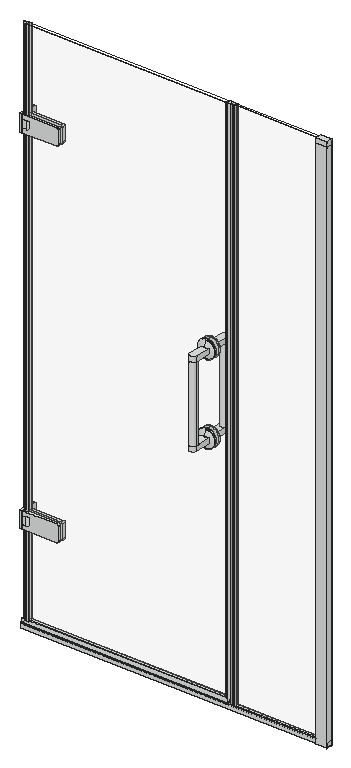
Revit family "Shower-Shower_Door-KOHLER-Components-K-27601", category Specialty Equipment, host Face, Revit 2017 (continued)
Definition of nested family "K-27601"
  Automatic sketch dimensions
    Revolve 28 sketch curve to plane 12 = 0.21347"
    plane 9 to Revolve 28 sketch curve = 0.19217"
    plane 9 to Revolve 28 sketch curve = 0.03326"
    plane 9 to Revolve 28 sketch curve = 0.00455"
    Revolve 28 sketch curve to plane 9 = 0.20924"
    Revolve 28 sketch curve to plane 9 = 0.24551"
    plane 10 to Revolve 28 sketch curve = 0.30265"
    plane 10 to Revolve 28 sketch curve = 0.32068"
    Revolve 28 sketch curve to Revolve 28 sketch curve = 0.86741"
    Revolve 28 sketch curve to Revolve 28 sketch curve = 0.00702"
    Revolve 28 sketch curve to Revolve 28 sketch curve = 0"  (x2)
    Revolve 28 sketch curve to Revolve 28 sketch curve = 0.10085"
    Revolve 29 sketch curve to plane 12 = 0.21347"
    plane 9 to Revolve 29 sketch curve = 0.19217"
    plane 9 to Revolve 29 sketch curve = 0.03326"
    plane 9 to Revolve 29 sketch curve = 0.00455"
    Revolve 29 sketch curve to plane 11 = 0.03624"
    Revolve 29 sketch curve to plane 9 = 0.20924"
    Revolve 29 sketch curve to plane 9 = 0.24551"
    Revolve 29 sketch curve to Revolve 29 sketch curve = 0.28413"
    plane 11 to Revolve 29 sketch curve = 0.83117"
    Revolve 29 sketch curve to Revolve 29 sketch curve = 0.00702"
    Revolve 29 sketch curve to Revolve 29 sketch curve = 0"  (x2)
    Revolve 29 sketch curve to Revolve 29 sketch curve = 0.10085"
    Masking region 3 sketch curve to plane 28 = 0"
    plane 10 to Masking region 3 sketch curve = 0"  (x2)
    Masking region 3 sketch curve to plane 12 = 0"  (x5)
    Masking region 3 sketch curve to level = 0"
    Masking region 3 sketch curve to plane 9 = 0"  (x2)
    Masking region 3 sketch curve to plane 6 = 0"
    plane 11 to Masking region 3 sketch curve = 0"  (x2)
    Masking region 3 sketch curve to plane 27 = 0"
    Masking region 3 sketch curve to plane 11 = 1/32"  (x2)
    Masking region 3 sketch curve to plane 28 = 1/32"
    Masking region 3 sketch curve to plane 28 = 1"
    Masking region 3 sketch curve to plane 12 = 0.22089"  (x2)
    Masking region 3 sketch curve to plane 12 = 0.10639"
    Masking region 3 sketch curve to Masking region 3 sketch curve = 0.10639"
    Masking region 3 sketch curve to Masking region 3 sketch curve = 0.04148"  (x3)
    Masking region 3 sketch curve to plane 9 = 0.25441"  (x4)
    Masking region 3 sketch curve to Masking region 3 sketch curve = 0.25441"
    Masking region 3 sketch curve to Masking region 3 sketch curve = 0.01066"
    Masking region 3 sketch curve to Masking region 3 sketch curve = 0.00507"
    Masking region 3 sketch curve to Masking region 3 sketch curve = 0.00541"
    Masking region 3 sketch curve to Masking region 3 sketch curve = 0.93936"  (x2)
    Masking region 3 sketch curve to Masking region 3 sketch curve = 0.93982"  (x2)
    Masking region 3 sketch curve to Masking region 3 sketch curve = 0.19485"
    Masking region 3 sketch curve to Masking region 3 sketch curve = 25/128"
    Masking region 3 sketch curve to plane 27 = 1"
    Masking region 3 sketch curve to Masking region 3 sketch curve = 1/32"
    plane 7 to Masking region 3 sketch curve = 0.15896"
    Masking region 3 sketch curve to Masking region 3 sketch curve = 0.01492"
    plane 7 to Masking region 3 sketch curve = 0.24911"
    Masking region 3 sketch curve to Masking region 3 sketch curve = 0.04025"
    Masking region 3 sketch curve to Masking region 3 sketch curve = 0.08229"
    Masking region 3 sketch curve to Masking region 3 sketch curve = 10.78269"
    Masking region 3 sketch curve to Masking region 3 sketch curve = 0"  (x3)
    Masking region 3 sketch curve to Masking region 3 sketch curve = 0.00344"  (x2)
    Masking region 3 sketch curve to Masking region 3 sketch curve = 1.77863"  (x2)
    Masking region 3 sketch curve to Masking region 3 sketch curve = 0.00035"
    Masking region 3 sketch curve to plane 11 = 0.64105"  (x2)
    Masking region 3 sketch curve to Masking region 3 sketch curve = 4.08733"
    Masking region 3 sketch curve to Masking region 3 sketch curve = 0.30278"
    plane 10 to Masking region 3 sketch curve = 1.527"
    plane 10 to Masking region 3 sketch curve = 0.64105"
    Masking region 3 sketch curve to Masking region 3 sketch curve = 0.64105"
    Masking region 3 sketch curve to plane 10 = 0.88595"
    Masking region 3 sketch curve to plane 6 = 12.87125"
    Masking region 3 sketch curve to Masking region 3 sketch curve = 0.22089"  (x2)
    Masking region 3 sketch curve to Masking region 3 sketch curve = 0.88595"
    plane 11 to Masking region 3 sketch curve = 0.88595"
    curve 59 to plane 5 = 0"
    curve 58 to plane 5 = 0"
    curve 3 to plane 13 = 0"
    curve 59 to plane 20 = 0"
    curve 63 to plane 21 = 0"
    curve 68 to plane 19 = 0"
    curve 66 to plane 19 = 0"
    curve 58 to plane 18 = 0"
    curve 69 to plane 18 = 0"
    curve 5 to plane 14 = 0"
    curve 8 to plane 14 = 0"
    curve 160 to plane 22 = 0"
    curve 159 to plane 22 = 0"
    curve 102 to plane 23 = 0"
    curve 60 to curve 61 = 0.02311"
    curve 65 to plane 21 = 1/32"
    curve 67 to plane 21 = 1/32"
    plane 9 to curve 158 = 0.03467"
    plane 22 to curve 158 = 1.18214"
    plane 9 to curve 156 = 0.00003"
    curve 157 to curve 156 = 0.02706"
    curve 162 to plane 9 = 0.17115"
    plane 22 to curve 162 = 0.4685"
    curve 153 to plane 9 = 0.17115"
    plane 9 to curve 154 = 0.03467"
    curve 153 to curve 154 = 0.67794"
    plane 9 to curve 153 = 0.00003"
    curve 154 to curve 153 = 0.00864"
    plane 23 to curve 117 = 0.05331"
    plane 23 to curve 103 = 0.05335"
    plane 23 to curve 102 = 0.06035"
    curve 102 to curve 109 = 0.0694"
    curve 117 to curve 2 = 0.12174"
    curve 109 to curve 1 = 0.04696"
    curve 1 to curve 106 = 0.03388"
    curve 2 to curve 110 = 0.03646"
    plane 23 to curve 111 = 0.21228"
    curve 106 to curve 108 = 0.02447"
    curve 107 to curve 103 = 0.03212"
    curve 9 to curve 104 = 0.0539"
    plane 23 to curve 105 = 0.31451"
    curve 121 to plane 1 "Center (Front/Back)" = 0.12895"
    curve 104 to curve 121 = 0.07743"
    curve 118 to plane 1 "Center (Front/Back)" = 0.17617"
    curve 118 to curve 118 = 0.04721"
    plane 9 to curve 113 = 0.2026"
    curve 118 to curve 113 = 0.00988"
    plane 23 to curve 115 = 0.42497"
    curve 126 to plane 1 "Center (Front/Back)" = 0.1381"
    curve 118 to curve 126 = 0.12974"
    curve 126 to curve 127 = 0.04324"
    curve 122 to plane 1 "Center (Front/Back)" = 0.12895"
    curve 127 to curve 122 = 0.01268"
    curve 123 to plane 1 "Center (Front/Back)" = 0.17617"
    curve 127 to curve 123 = 0.05989"
    plane 1 "Center (Front/Back)" to curve 121 = 0.15193"
    plane 23 to curve 116 = 0.64803"
    curve 119 to curve 114 = 0.01875"
    plane 1 "Center (Front/Back)" to curve 113 = 0.11955"
    curve 114 to curve 113 = 0.0437"
    curve 116 to curve 131 = 0.12321"
    plane 1 "Center (Front/Back)" to curve 124 = 0.15193"
    plane 8 to curve 126 = 0.15095"
    curve 124 to curve 126 = 0.00355"
    curve 123 to curve 130 = 0.05973"
    plane 23 to curve 128 = 0.99404"
    curve 129 to plane 12 = 0.61967"
    curve 126 to curve 129 = 0.15745"
    curve 130 to curve 136 = 0.07475"
    curve 135 to curve 135 = 0.0239"
    curve 137 to curve 137 = 0.04269"
    curve 138 to curve 134 = 0.01431"
    plane 1 "Center (Front/Back)" to curve 140 = 0.13866"
    curve 135 to curve 140 = 0.0381"
    curve 11 to curve 133 = 0.09087"
    curve 134 to curve 132 = 0.02353"
    curve 134 to curve 138 = 0.16899"
    curve 159 to plane 12 = 0.89469"
    curve 105 to curve 129 = 0.70102"
    plane 28 to curve 128 = 1.06078"
    plane 8 to curve 70 = 0.07891"
    curve 61 to curve 67 = 0.0237"
    plane 8 to curve 112 = 0.16717"
    curve 133 to curve 133 = 0.03505"
    curve 2 to curve 107 = 0.01403"
    curve 111 to curve 117 = 0.02123"
    curve 114 to curve 119 = 0.05854"
    curve 134 to curve 132 = 0.01061"
    curve 136 to curve 11 = 0.01989"
    curve 107 to curve 10 = 0.04597"
    curve 123 to curve 130 = 0.00584"
    plane 1 "Center (Front/Back)" to curve 140 = 0.07666"
    curve 104 to plane 1 "Center (Front/Back)" = 0.07938"
    curve 104 to curve 9 = 0.05509"
    curve 9 to curve 109 = 0.00717"
    curve 13 to plane 1 "Center (Front/Back)" = 0.17534"
    curve 122 to curve 127 = 0.05239"
    curve 109 to curve 102 = 0.04136"
    curve 109 to curve 108 = 0.05118"
    curve 1 to curve 106 = 0.00157"
    curve 13 to curve 137 = 0.01931"
    curve 1 to curve 63 = 0.00341"
    curve 64 to curve 59 = 0.02023"
    curve 5 to curve 5 = 0.06185"
    curve 65 to curve 58 = 0.03698"
    curve 139 to curve 134 = 0.04369"
    curve 3 to plane 9 = 0.14683"
    curve 111 to plane 9 = 0.34736"
    curve 153 to curve 160 = 0.70374"
    curve 111 to curve 115 = 0.64655"
    plane 27 to curve 131 = 0.73222"
    curve 116 to plane 4 = 0.60067"
    plane 8 to curve 8 = 0.09645"
    curve 8 to curve 158 = 0"
    curve 160 to plane 12 = 0.19095"  (x2)
    plane 22 to curve 160 = 0.4685"
    plane 8 to curve 141 = 0.03917"
    curve 141 to curve 155 = 0"
    plane 23 to curve 101 = 0.00029"
    curve 101 to curve 117 = 0.00045"
    curve 116 to curve 117 = 0"
    curve 117 to curve 111 = 0.02419"
    curve 102 to curve 109 = 0.02036"
    curve 105 to curve 109 = 0"
    curve 105 to curve 142 = 0.02551"
    curve 115 to curve 116 = 0"
    curve 128 to curve 127 = 0"
    curve 131 to curve 130 = 0"
    curve 138 to curve 139 = 0.01931"
    curve 12 to curve 139 = 0"  (x2)
    curve 132 to curve 131 = 0"
    curve 11 to plane 26 = 1.45465"
    curve 100 to plane 12 = 0.10639"
    curve 7 to plane 12 = 0.06491"
    plane 8 to curve 15 = 0.02268"
    plane 8 to curve 101 = 0.03917"
    plane 8 to curve 163 = 0.03917"
    curve 101 to curve 143 = 0.05727"
    curve 12 to curve 15 = 0.07854"
    curve 156 to curve 162 = 0.11475"
    curve 153 to curve 161 = 0.11475"
    curve 3 to curve 100 = 0.13908"
    curve 72 to plane 5 = 0"
    curve 75 to plane 5 = 0"
    curve 17 to plane 5 = 0"
    curve 83 to plane 5 = 0"
    curve 18 to plane 5 = 0"
    curve 86 to plane 5 = 0"
    curve 77 to plane 13 = 0"
    curve 90 to plane 13 = 0"
    plane 20 to curve 96 = 0"
    plane 20 to curve 95 = 0"
    plane 20 to curve 94 = 0"
    plane 18 to curve 97 = 0"
    plane 18 to curve 51 = 0"
    plane 18 to curve 98 = 0"
    curve 76 to plane 14 = 0"
    plane 14 to curve 84 = 0"
    curve 169 to plane 11 = 0"
    curve 165 to plane 10 = 0"
    curve 18 to plane 7 = 0"
    curve 19 to plane 7 = 0"
    curve 150 to level = 0"
    curve 150 to plane 6 = 0"
    curve 152 to plane 6 = 0"
    curve 152 to level = 0"
    curve 149 to plane 26 = 0"
    curve 92 to curve 89 = 0.02685"
    curve 80 to curve 78 = 0.02685"
    curve 82 to curve 78 = 0.01966"
    curve 93 to curve 89 = 0.01966"
    curve 87 to plane 14 = 0.19715"
    curve 75 to plane 14 = 0.19715"
    curve 85 to plane 14 = 0.19541"
    curve 74 to curve 73 = 0.19541"
    plane 22 to curve 169 = 0.4685"
    plane 22 to curve 167 = 0"
    plane 22 to curve 164 = 0"
    curve 168 to plane 22 = 0.4685"
    plane 7 to curve 86 = 11.15399"
    curve 97 to curve 90 = 0.58071"
    curve 93 to curve 92 = 0.95743"
    curve 84 to curve 84 = 1.77279"
    curve 167 to plane 11 = 0.32037"
    plane 10 to curve 164 = 0.32068"
    curve 75 to plane 6 = 12.86782"
    curve 98 to curve 79 = 0.58071"
    curve 78 to curve 78 = 0.95743"
    curve 73 to curve 73 = 1.77279"
    plane 23 to curve 146 = 0.00045"
    curve 148 to plane 7 = 0.10539"
    curve 146 to curve 148 = 0.58053"
    curve 148 to curve 147 = 0.14354"
    curve 147 to curve 144 = 0.05067"
    curve 52 to plane 6 = 0.17896"
    curve 144 to curve 52 = 0.52371"
    curve 151 to plane 26 = 1.48035"
    curve 151 to curve 150 = 0.0257"
    curve 150 to curve 152 = 0.02444"
    plane 7 to curve 16 = 0.15896"
    curve 16 to curve 20 = 0.32901"
    curve 167 to curve 167 = 1.08421"
    curve 164 to curve 164 = 1.08421"
    curve 51 to plane 6 = 0.17896"
    curve 99 to plane 6 = 0.05407"
    curve 144 to plane 6 = 0.05407"
    curve 145 to plane 6 = 0.05407"
    curve 149 to plane 6 = 0.05407"
    curve 94 to plane 6 = 0.05407"
    curve 147 to curve 144 = 0"
    curve 148 to plane 6 = 0.05407"
    curve 146 to plane 6 = 0.05404"
    Extrusion 2 sketch curve to plane 5 = 0"
    Extrusion 2 sketch curve to plane 16 = 0"  (x2)
    Extrusion 2 sketch curve to plane 15 = 0"  (x2)
    Extrusion 2 sketch curve to Extrusion 2 sketch curve = 0.02311"
    Extrusion 2 sketch curve to plane 21 = 1/32"  (x2)
    plane 8 to Extrusion 2 sketch curve = 0.07891"
    Extrusion 2 sketch curve to Extrusion 2 sketch curve = 0.04681"
    Extrusion 2 sketch curve to Extrusion 2 sketch curve = 0.04145"
    Extrusion 2 sketch curve to plane 1 "Center (Front/Back)" = 0.19282"
    Extrusion 2 sketch curve to plane 1 "Center (Front/Back)" = 0.19623"
    Extrusion 2 sketch curve to Extrusion 2 sketch curve = 0.02023"
    Extrusion 2 sketch curve to Extrusion 2 sketch curve = 0.03698"
    Extrusion 4 sketch curve to plane 13 = 0"  (x2)
    Extrusion 4 sketch curve to plane 14 = 0"
    Extrusion 4 sketch curve to plane 18 = 0.23416"
    Extrusion 4 sketch curve to plane 18 = 0.23504"
    Extrusion 4 sketch curve to Extrusion 4 sketch curve = 0.02124"
    Extrusion 4 sketch curve to Extrusion 4 sketch curve = 25/128"  (x2)
    Extrusion 4 sketch curve to plane 6 = 12.87908"
    Extrusion 4 sketch curve to Extrusion 4 sketch curve = 0.58071"
    Extrusion 4 sketch curve to Extrusion 4 sketch curve = 0.96057"
    Extrusion 4 sketch curve to Extrusion 4 sketch curve = 1.77438"
    Extrusion 5 sketch curve to plane 13 = 0"
    Extrusion 5 sketch curve to plane 12 = 0.06491"
    Extrusion 5 sketch curve to plane 19 = 0.09988"
    plane 21 to Extrusion 9 sketch curve = 0"
    level to Extrusion 9 sketch curve = 0.32822"
    plane 23 to Extrusion 9 sketch curve = 0.67492"
    plane 7 to Extrusion 9 sketch curve = 0.48798"
    Masking region 1 sketch curve to plane 5 = 0"
    Masking region 1 sketch curve to plane 13 = 0"  (x2)
    Masking region 1 sketch curve to plane 14 = 0"
    Masking region 1 sketch curve to plane 22 = 0"  (x2)
    plane 9 to Masking region 1 sketch curve = 0"
    Masking region 1 sketch curve to plane 12 = 0"
    Masking region 1 sketch curve to plane 26 = 0"
    plane 8 to Masking region 1 sketch curve = 0.03917"  (x2)
    plane 22 to Masking region 1 sketch curve = 1.18214"
    Masking region 1 sketch curve to plane 12 = 0.01977"  (x2)
    Masking region 1 sketch curve to Masking region 1 sketch curve = 0.02706"
    plane 12 to Masking region 1 sketch curve = 0.01487"  (x2)
    Masking region 1 sketch curve to Masking region 1 sketch curve = 0.4685"
    Masking region 1 sketch curve to plane 12 = 0.19095"  (x2)
    plane 22 to Masking region 1 sketch curve = 0.4685"
    Masking region 1 sketch curve to Masking region 1 sketch curve = 0.67794"
    Masking region 1 sketch curve to Masking region 1 sketch curve = 0.00864"
    plane 9 to Masking region 1 sketch curve = 0.10062"
    plane 23 to Masking region 1 sketch curve = 0.52731"
    Masking region 1 sketch curve to plane 26 = 1.45465"
    Masking region 1 sketch curve to Masking region 1 sketch curve = 0"
    Masking region 1 sketch curve to Masking region 1 sketch curve = 0.02472"
    Masking region 1 sketch curve to Masking region 1 sketch curve = 0.02506"
    Masking region 1 sketch curve to plane 26 = 3/128"
    Masking region 1 sketch curve to Masking region 1 sketch curve = 3/128"
    Masking region 1 sketch curve to plane 28 = 0.46762"
    Masking region 1 sketch curve to plane 12 = 0.10639"
    Masking region 1 sketch curve to Masking region 1 sketch curve = 0.04148"
    Masking region 1 sketch curve to plane 9 = 0.28591"  (x2)
    Masking region 1 sketch curve to Masking region 1 sketch curve = 1.10317"
    Masking region 1 sketch curve to plane 27 = 0.46762"
    Masking region 2 sketch curve to plane 5 = 0"
    Masking region 2 sketch curve to plane 6 = 0"
    Masking region 2 sketch curve to level = 0"
    Masking region 2 sketch curve to plane 26 = 0"
    Masking region 2 sketch curve to plane 26 = 1.45465"
    Masking region 2 sketch curve to plane 26 = 0.0237"
    Masking region 2 sketch curve to plane 6 = 0.05407"
    Extrusion 10 sketch curve to plane 13 = 0"  (x2)
    plane 14 to Extrusion 10 sketch curve = 0"
    Extrusion 10 sketch curve to Extrusion 10 sketch curve = 0.02212"
    Extrusion 10 sketch curve to Extrusion 10 sketch curve = 0.02124"
    Extrusion 10 sketch curve to plane 14 = 25/128"  (x2)
    plane 7 to Extrusion 10 sketch curve = 11.15434"
    Extrusion 10 sketch curve to Extrusion 10 sketch curve = 0.58071"
    Extrusion 10 sketch curve to Extrusion 10 sketch curve = 0.96057"
    Extrusion 10 sketch curve to Extrusion 10 sketch curve = 1.77438"
    Extrusion 11 sketch curve to plane 5 = 0"  (x2)
    plane 7 to Extrusion 11 sketch curve = 11.15434"
    Extrusion 11 sketch curve to Extrusion 11 sketch curve = 2.16501"  (x2)
    Extrusion 11 sketch curve to plane 6 = 12.86782"
    Extrusion 12 sketch curve to plane 13 = 0"
    Extrusion 12 sketch curve to plane 12 = 0.06491"
    Extrusion 12 sketch curve to plane 19 = 0.15085"
    Extrusion 13 sketch curve to plane 21 = 0"
    plane 8 to Extrusion 13 sketch curve = 0.16717"
    Extrusion 13 sketch curve to plane 1 "Center (Front/Back)" = 0.19282"
    Extrusion 14 sketch curve to plane 5 = 0"  (x2)
    plane 14 to Extrusion 14 sketch curve = 0"
    Extrusion 14 sketch curve to plane 14 = 0"
    plane 7 to Extrusion 14 sketch curve = 11.15434"
    Extrusion 14 sketch curve to Extrusion 14 sketch curve = 2.16501"
    Extrusion 14 sketch curve to plane 6 = 12.86782"
    Extrusion 14 sketch curve to Extrusion 14 sketch curve = 2.16535"
    Extrusion 15 sketch curve to level = 0"
    Extrusion 15 sketch curve to plane 5 = 0"
    Extrusion 15 sketch curve to plane 26 = 0"
    plane 7 to Extrusion 15 sketch curve = 0.29465"
    Extrusion 17 sketch curve to plane 5 = 0"
    Extrusion 17 sketch curve to plane 21 = 0"
    Extrusion 17 sketch curve to plane 18 = 0"  (x2)
    Extrusion 17 sketch curve to plane 23 = 0"  (x2)
    Extrusion 17 sketch curve to plane 12 = 0"
    Extrusion 17 sketch curve to plane 26 = 0"
    Extrusion 17 sketch curve to Extrusion 17 sketch curve = 0.17477"
    plane 23 to Extrusion 17 sketch curve = 0.17477"
    Extrusion 17 sketch curve to Extrusion 17 sketch curve = 0.06"  (x3)
    Extrusion 17 sketch curve to plane 1 "Center (Front/Back)" = 0.17534"
    Extrusion 17 sketch curve to Extrusion 17 sketch curve = 0.82677"
    Extrusion 17 sketch curve to Extrusion 17 sketch curve = 0.062"  (x3)
    plane 8 to Extrusion 17 sketch curve = 0.09645"
    Extrusion 17 sketch curve to Extrusion 17 sketch curve = 15/64"  (x2)
    Extrusion 17 sketch curve to plane 26 = 1.45441"
    plane 8 to Extrusion 17 sketch curve = 0.03666"
    Extrusion 17 sketch curve to Extrusion 17 sketch curve = 0.07073"
    plane 8 to Extrusion 17 sketch curve = 0.16717"
    plane 1 "Center (Front/Back)" to Extrusion 17 sketch curve = 0.13866"
    plane 1 "Center (Front/Back)" to Extrusion 17 sketch curve = 0.07666"
    Extrusion 17 sketch curve to plane 1 "Center (Front/Back)" = 0.13447"
    Extrusion 17 sketch curve to plane 1 "Center (Front/Back)" = 0.19282"
    Extrusion 17 sketch curve to Extrusion 17 sketch curve = 0.03671"
    plane 9 to Extrusion 17 sketch curve = 0.10913"
    Extrusion 17 sketch curve to plane 9 = 0.04602"
    curve 39 to plane 12 = 0"
    curve 21 to plane 12 = 0"
    curve 27 to plane 12 = 0"
    curve 48 to level = 0"
    curve 48 to plane 6 = 0"
    curve 49 to plane 6 = 0"
    curve 49 to level = 0"
    curve 50 to plane 9 = 0"
    curve 29 to plane 9 = 0"
    plane 10 to curve 37 = 0"
    curve 36 to plane 6 = 0"
    plane 11 to curve 53 = 0"
    curve 26 to plane 6 = 0"
    plane 1 "Center (Front/Back)" to curve 44 = 0.16426"
    plane 1 "Center (Front/Back)" to curve 42 = 0.16426"
    plane 1 "Center (Front/Back)" to curve 33 = 0.13285"
    curve 34 to plane 1 "Center (Front/Back)" = 0.09125"
    curve 47 to plane 1 "Center (Front/Back)" = 0.19263"
    curve 43 to plane 1 "Center (Front/Back)" = 0.19263"
    curve 57 to curve 57 = 0.25441"
    plane 7 to curve 41 = 6.04461"
    curve 41 to curve 43 = 1/8"
    plane 10 to curve 45 = 5.44455"
    curve 45 to curve 47 = 1/8"
    curve 33 to plane 6 = 4.93108"
    curve 33 to curve 34 = 0.13821"
    curve 22 to curve 21 = 0.06491"
    curve 28 to plane 12 = 0.06491"
    plane 8 to curve 48 = 0"
    plane 9 to curve 49 = 0.03956"
    curve 24 to curve 25 = 0.14683"
    curve 29 to curve 31 = 0.14683"
    curve 31 to curve 37 = 0.06783"
    curve 25 to curve 38 = 0.06783"
    curve 56 to plane 9 = 0.21466"
    curve 25 to curve 53 = 0.06783"
    curve 26 to curve 36 = 0.21466"
    curve 53 to curve 54 = 0.03975"
    curve 38 to curve 24 = 0.03975"
    curve 37 to curve 30 = 0.03977"
    curve 53 to curve 23 = 0.57224"
    curve 36 to curve 29 = 0.57224"
    plane 7 to curve 50 = 0.12922"
    curve 50 to curve 26 = 0.24243"
    curve 26 to curve 38 = 0.00094"
    curve 26 to curve 50 = 0.0584"
    curve 43 to curve 24 = 4.85973"
    curve 24 to curve 21 = 0.00344"
    curve 22 to curve 21 = 0"  (x2)
    curve 22 to curve 22 = 2.16501"
    curve 21 to curve 23 = 0.00035"
    plane 11 to curve 39 = 1.77162"
    curve 56 to plane 11 = 0.64105"
    curve 56 to curve 39 = 1.58733"
    curve 56 to curve 37 = 0.64105"
    curve 55 to plane 10 = 0.11817"
    curve 37 to curve 33 = 7.94017"
    curve 27 to curve 30 = 0"
    curve 27 to curve 28 = 0.00344"
    curve 30 to curve 29 = 2.16879"
    curve 28 to curve 29 = 0"
    curve 28 to curve 27 = 0.01915"
    curve 170 to plane 9 = 0"
    plane 11 to curve 174 = 0"
    plane 11 to curve 172 = 0"
    curve 171 to plane 9 = 0"
    curve 176 to plane 9 = 0"
    plane 10 to curve 178 = 0"
    plane 10 to curve 175 = 0"
    curve 175 to plane 9 = 0"
    curve 172 to plane 11 = 0.32052"
    curve 174 to plane 11 = 0.32052"
    curve 174 to curve 173 = 0.32052"
    curve 179 to plane 9 = 0.2011"
    plane 10 to curve 179 = 0.64105"
    plane 10 to curve 178 = 0.32052"
    plane 10 to curve 177 = 0.32052"
    curve 174 to plane 9 = 0.25145"
    curve 178 to plane 9 = 0.25145"
    curve 171 to plane 9 = 0.2011"
    curve 172 to plane 12 = 0.27124"
    curve 177 to plane 12 = 0.27124"
    plane 11 to curve 170 = 0.80655"
    curve 172 to curve 174 = 0.32052"
    curve 172 to curve 171 = 0.80655"
    curve 176 to curve 177 = 0.80655"
    curve 178 to curve 177 = 0.32052"
    curve 175 to plane 10 = 0.80655"
    curve 173 to curve 172 = 0.05332"
    curve 179 to curve 176 = 0.05332"
    curve 174 to plane 12 = 0.22089"
    curve 178 to plane 12 = 0.22089"
    radius of Extrusion 21 sketch curve = 0.4685"
    radius of Extrusion 26 sketch curve = 0.4685"
Types (4): name | Type | Model | Finish
  (no name) | 1 | "K-27601-10L-SHP" | Kohler-Metal-SHP-Bright_Polished_Silver
  SHP- Bright Polished Silver | 1 | "K-27601-10L-SHP" | Kohler-Metal-SHP-Bright_Polished_Silver
  BNK- Anodized Brushed Nickel | 2 | "K-27601-10L-BNK" | Kohler-Metal-BNK-Anodized_Brushed_Nickel
  BL- Matte Black | 3 | "K-27601-10L-BL" | Kohler-Metal-BL-Matte_Black
